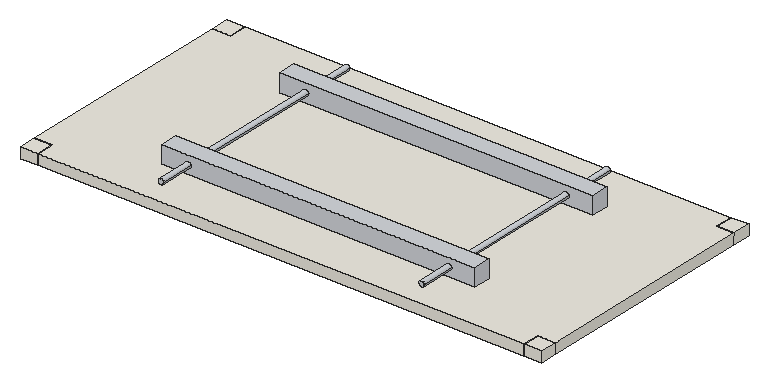
Revit family "LED-PL-CSVT", category Осветительные приборы, Revit 2019 (continued)
Types (9, lengths in mm): name | built-in parameter 1150134 | Файл фотометрической сетки | built-in parameter 1150105 | Lumens | built-in parameter 1150106 | built-in parameter 1150142 | Wattage | built-in parameter 1150107 | Emit from Rectangle Width | Emit from Rectangle Length | Длина | Ширина | L1 | L | ADSK_Ток | ADSK_Полная мощность | ADSK_Обозначение | ADSK_Номинальная мощность | ADSK_Наименование | ADSK_Масса | ADSK_Код изделия
  LED PL-CSVT-36 595x595х10 (KROKUS) (IP54/IP20, 4000K, белый) | 12 | "Светильник LED-PL-CSVT-36-(595х595).IES" | 286.48 (stored number, unit not read) | 3600 lm | 2.8648 (stored number, unit not read) | "IESNA:LM-63-95\r\n[TEST] Протокол № 50-12 \r\n[DATA] 20.06.2016\r\n[MORE] \r\n[MANUFAC] ЗАО \"Центрстройсвет\"\r\n[LUMCAT]  Светильник ALUMOGIPS-38/OPAL-SAND-(610x610)\r\n[LUMINAIRE]\r\n[LAMPCAT] Светодиоды\r\n[LAMP] Поток источника света (светодиодов) не известен\r\n[MORE] КСС приведена в абсолютных величинах кд\r\n[MORE] Вместо потока лампы, указан поток светильника.\r\nTILT=NONE\r\n1    3750 1.0 37 73 1 2 0.61 0.61 0.04\r\n1.0 1.0 38.7\r\n0.0 5.0 10.0 15.0 20.0 25.0 30.0 35.0 40.0 45.0 50.0 55.0 60.0 65.0 70.0 75.0 80.0 85.0 90.0 95.0 100.0 105.0 110.0 115.0 120.0 125.0 130.0 135.0 140.0 145.0 150.0 155.0 160.0 165.0 170.0 175.0 180.0\r\n0.0 5.0 10.0 15.0 20.0 25.0 30.0 35.0 40.0 45.0 50.0 55.0 60.0 65.0 70.0 75.0 80.0 85.0 90.0 95.0 100.0 105.0 110.0 115.0 120.0 125.0 130.0 135.0 140.0 145.0 150.0 155.0 160.0 165.0 170.0 175.0 180.0 185.0 190.0 195.0 200.0 205.0 210.0 215.0 220.0 225.0 230.0 235.0 240.0 245.0 250.0 255.0 260.0 265.0 270.0 275.0 280.0 285.0 290.0 295.0 300.0 305.0 310.0 315.0 320.0 325.0 330.0 335.0 340.0 345.0 350.0 355.0 360.0\r\n1391.4 1390.6 1365.7 1330.6 1277.5 1214.9 1147.5 1059.6 967.6 873.2 772.4 664.9 556.3 449.1 342.7 240.6 147.1 64.2 4.7 0.0 0.0 0.0 0.0 0.0 0.0 0.0 0.0 0.0 0.0 0.0 0.0 0.0 0.0 0.0 0.0 0.0 0.0\r\n1391.4 1390.5 1367.8 1332.7 1284.3 1221.3 1147.0 1062.1 969.2 872.4 773.2 666.3 557.1 450.1 343.8 241.9 146.9 64.7 5.2 0.0 0.0 0.0 0.0 0.0 0.0 0.0 0.0 0.0 0.0 0.0 0.0 0.0 0.0 0.0 0.0 0.0 0.0\r\n1391.4 1390.2 1372.0 1333.3 1277.3 1216.8 1144.5 1057.4 969.6 875.1 773.8 669.5 560.0 454.6 345.8 242.4 148.5 65.8 5.4 0.0 0.0 0.0 0.0 0.0 0.0 0.0 0.0 0.0 0.0 0.0 0.0 0.0 0.0 0.0 0.0 0.0 0.0\r\n1391.4 1389.8 1371.2 1330.7 1279.5 1220.5 1148.3 1059.9 967.7 873.2 767.5 666.8 561.4 453.0 347.1 243.7 149.9 65.6 5.8 0.0 0.0 0.0 0.0 0.0 0.0 0.0 0.0 0.0 0.0 0.0 0.0 0.0 0.0 0.0 0.0 0.0 0.0\r\n1391.4 1389.8 1368.3 1329.3 1285.0 1214.6 1141.1 1058.7 971.8 871.3 775.2 666.9 559.4 452.6 345.8 242.5 150.0 65.8 6.1 0.0 0.0 0.0 0.0 0.0 0.0 0.0 0.0 0.0 0.0 0.0 0.0 0.0 0.0 0.0 0.0 0.0 0.0\r\n1391.4 1390.5 1367.3 1332.3 1281.7 1219.0 1142.8 1064.6 970.5 874.4 772.1 667.5 560.2 453.0 346.2 241.8 149.4 65.7 5.6 0.0 0.0 0.0 0.0 0.0 0.0 0.0 0.0 0.0 0.0 0.0 0.0 0.0 0.0 0.0 0.0 0.0 0.0\r\n1391.4 1391.4 1368.1 1333.5 1277.3 1215.7 1139.0 1059.6 968.1 872.4 771.6 667.4 558.8 453.3 344.3 243.9 148.4 65.7 5.4 0.0 0.0 0.0 0.0 0.0 0.0 0.0 0.0 0.0 0.0 0.0 0.0 0.0 0.0 0.0 0.0 0.0 0.0\r\n1391.4 1391.7 1368.1 1330.4 1278.2 1213.9 1142.4 1061.6 967.4 875.1 772.0 669.3 561.1 452.5 345.2 242.1 148.3 65.4 5.5 0.0 0.0 0.0 0.0 0.0 0.0 0.0 0.0 0.0 0.0 0.0 0.0 0.0 0.0 0.0 0.0 0.0 0.0\r\n1391.4 1391.5 1371.0 1328.4 1278.5 1216.7 1142.1 1061.2 971.8 874.7 772.1 668.9 560.8 452.9 345.4 243.3 147.7 66.0 5.4 0.0 0.0 0.0 0.0 0.0 0.0 0.0 0.0 0.0 0.0 0.0 0.0 0.0 0.0 0.0 0.0 0.0 0.0\r\n1391.4 1391.5 1373.2 1330.5 1277.3 1215.5 1143.2 1063.6 967.0 872.7 772.2 669.4 558.9 453.2 346.6 241.9 148.1 65.2 5.5 0.0 0.0 0.0 0.0 0.0 0.0 0.0 0.0 0.0 0.0 0.0 0.0 0.0 0.0 0.0 0.0 0.0 0.0\r\n1391.4 1391.4 1369.7 1328.3 1281.3 1216.0 1139.8 1057.9 968.7 875.3 773.9 667.6 561.8 454.0 344.0 243.1 147.2 65.6 5.5 0.0 0.0 0.0 0.0 0.0 0.0 0.0 0.0 0.0 0.0 0.0 0.0 0.0 0.0 0.0 0.0 0.0 0.0\r\n1391.4 1390.5 1367.9 1330.1 1278.1 1218.1 1138.9 1061.0 970.0 871.8 770.4 669.3 560.2 453.4 346.9 242.1 148.3 65.2 5.2 0.0 0.0 0.0 0.0 0.0 0.0 0.0 0.0 0.0 0.0 0.0 0.0 0.0 0.0 0.0 0.0 0.0 0.0\r\n1391.4 1389.3 1368.2 1329.1 1280.8 1214.4 1142.5 1059.2 967.2 874.3 772.4 668.0 563.1 452.3 345.7 242.8 146.8 64.9 5.1 0.0 0.0 0.0 0.0 0.0 0.0 0.0 0.0 0.0 0.0 0.0 0.0 0.0 0.0 0.0 0.0 0.0 0.0\r\n1391.4 1388.6 1367.4 1327.8 1278.0 1215.7 1141.0 1061.0 971.5 877.3 771.2 667.3 561.5 453.0 346.4 242.4 146.3 64.8 5.2 0.0 0.0 0.0 0.0 0.0 0.0 0.0 0.0 0.0 0.0 0.0 0.0 0.0 0.0 0.0 0.0 0.0 0.0\r\n1391.4 1388.0 1367.6 1326.7 1278.3 1218.0 1140.9 1061.5 968.4 873.4 770.1 666.6 562.1 454.6 344.8 241.8 146.4 64.0 5.5 0.0 0.0 0.0 0.0 0.0 0.0 0.0 0.0 0.0 0.0 0.0 0.0 0.0 0.0 0.0 0.0 0.0 0.0\r\n1391.4 1387.2 1366.1 1331.0 1281.4 1216.3 1142.7 1059.1 969.4 871.5 772.2 667.3 560.5 453.0 344.4 242.2 146.4 63.8 5.6 0.0 0.0 0.0 0.0 0.0 0.0 0.0 0.0 0.0 0.0 0.0 0.0 0.0 0.0 0.0 0.0 0.0 0.0\r\n1391.4 1387.1 1366.3 1328.7 1276.9 1214.5 1141.2 1059.3 968.4 874.3 775.5 668.3 562.5 454.9 346.4 241.3 146.2 63.5 5.7 0.0 0.0 0.0 0.0 0.0 0.0 0.0 0.0 0.0 0.0 0.0 0.0 0.0 0.0 0.0 0.0 0.0 0.0\r\n1391.4 1388.4 1366.0 1329.7 1279.2 1217.9 1140.0 1060.5 969.0 873.9 772.0 671.3 560.4 453.2 343.7 241.7 145.8 63.7 5.4 0.0 0.0 0.0 0.0 0.0 0.0 0.0 0.0 0.0 0.0 0.0 0.0 0.0 0.0 0.0 0.0 0.0 0.0\r\n1391.4 1389.6 1367.7 1329.3 1277.2 1211.1 1140.1 1061.0 971.0 871.2 769.2 669.1 561.5 453.1 343.3 241.9 145.8 63.4 5.2 0.0 0.0 0.0 0.0 0.0 0.0 0.0 0.0 0.0 0.0 0.0 0.0 0.0 0.0 0.0 0.0 0.0 0.0\r\n1391.4 1388.8 1366.9 1327.1 1279.4 1214.2 1142.5 1056.4 970.7 870.3 771.0 665.1 560.4 453.3 343.8 241.1 145.7 63.4 5.2 0.0 0.0 0.0 0.0 0.0 0.0 0.0 0.0 0.0 0.0 0.0 0.0 0.0 0.0 0.0 0.0 0.0 0.0\r\n1391.4 1387.2 1365.8 1328.9 1276.6 1210.2 1141.4 1059.3 966.6 871.4 770.5 667.4 559.2 451.4 344.2 241.0 145.6 63.2 5.1 0.0 0.0 0.0 0.0 0.0 0.0 0.0 0.0 0.0 0.0 0.0 0.0 0.0 0.0 0.0 0.0 0.0 0.0\r\n1391.4 1386.8 1364.4 1329.8 1279.4 1213.7 1144.0 1059.0 965.3 873.7 768.8 668.9 559.4 449.5 342.6 241.5 144.6 63.4 5.0 0.0 0.0 0.0 0.0 0.0 0.0 0.0 0.0 0.0 0.0 0.0 0.0 0.0 0.0 0.0 0.0 0.0 0.0\r\n1391.4 1388.1 1365.8 1328.1 1273.8 1213.4 1137.9 1059.2 967.3 869.2 769.3 667.7 558.4 451.4 344.0 240.6 145.7 63.4 4.9 0.0 0.0 0.0 0.0 0.0 0.0 0.0 0.0 0.0 0.0 0.0 0.0 0.0 0.0 0.0 0.0 0.0 0.0\r\n1391.4 1389.2 1364.4 1323.2 1276.3 1213.8 1137.6 1055.3 963.1 871.0 767.7 664.1 559.7 447.1 342.4 240.1 145.2 63.9 5.1 0.0 0.0 0.0 0.0 0.0 0.0 0.0 0.0 0.0 0.0 0.0 0.0 0.0 0.0 0.0 0.0 0.0 0.0\r\n1391.4 1388.4 1362.3 1326.8 1274.4 1212.2 1137.9 1054.7 966.7 867.9 768.7 663.4 557.3 449.2 343.3 240.0 145.7 63.6 5.0 0.0 0.0 0.0 0.0 0.0 0.0 0.0 0.0 0.0 0.0 0.0 0.0 0.0 0.0 0.0 0.0 0.0 0.0\r\n1391.4 1386.2 1361.8 1326.5 1273.3 1211.2 1134.5 1048.6 964.3 866.3 767.8 662.9 556.7 449.5 341.9 239.8 145.7 63.7 5.0 0.0 0.0 0.0 0.0 0.0 0.0 0.0 0.0 0.0 0.0 0.0 0.0 0.0 0.0 0.0 0.0 0.0 0.0\r\n1391.4 1384.4 1363.5 1324.4 1272.0 1209.5 1137.2 1053.0 960.2 867.5 767.9 662.7 556.7 449.2 342.5 239.1 146.2 63.8 4.8 0.0 0.0 0.0 0.0 0.0 0.0 0.0 0.0 0.0 0.0 0.0 0.0 0.0 0.0 0.0 0.0 0.0 0.0\r\n1391.4 1383.7 1362.4 1324.4 1274.0 1209.5 1134.4 1050.1 965.4 864.9 764.6 662.3 556.6 447.9 340.5 240.3 145.5 64.6 4.6 0.0 0.0 0.0 0.0 0.0 0.0 0.0 0.0 0.0 0.0 0.0 0.0 0.0 0.0 0.0 0.0 0.0 0.0\r\n1391.4 1384.4 1361.9 1326.9 1270.2 1207.3 1132.7 1050.1 959.7 867.7 763.1 662.2 555.0 447.3 343.0 238.3 145.8 63.9 4.7 0.0 0.0 0.0 0.0 0.0 0.0 0.0 0.0 0.0 0.0 0.0 0.0 0.0 0.0 0.0 0.0 0.0 0.0\r\n1391.4 1385.1 1363.0 1320.0 1270.4 1207.9 1134.4 1055.0 963.5 867.3 766.7 660.7 555.9 450.1 342.6 240.2 145.9 64.3 4.9 0.0 0.0 0.0 0.0 0.0 0.0 0.0 0.0 0.0 0.0 0.0 0.0 0.0 0.0 0.0 0.0 0.0 0.0\r\n1391.4 1384.9 1362.3 1321.4 1273.1 1208.0 1135.4 1052.3 961.9 865.0 764.0 660.8 553.5 447.6 341.2 240.3 146.1 63.8 4.8 0.0 0.0 0.0 0.0 0.0 0.0 0.0 0.0 0.0 0.0 0.0 0.0 0.0 0.0 0.0 0.0 0.0 0.0\r\n1391.4 1383.8 1361.2 1322.1 1265.1 1211.5 1132.8 1049.3 961.3 863.4 764.0 661.0 550.7 447.9 341.0 240.1 146.2 63.8 4.6 0.0 0.0 0.0 0.0 0.0 0.0 0.0 0.0 0.0 0.0 0.0 0.0 0.0 0.0 0.0 0.0 0.0 0.0\r\n1391.4 1382.8 1359.3 1321.5 1269.3 1206.8 1132.8 1051.1 958.3 863.2 763.1 662.7 553.4 448.0 340.4 240.0 145.8 63.8 4.0 0.0 0.0 0.0 0.0 0.0 0.0 0.0 0.0 0.0 0.0 0.0 0.0 0.0 0.0 0.0 0.0 0.0 0.0\r\n1391.4 1382.6 1359.0 1319.6 1268.1 1204.3 1129.8 1049.0 957.7 861.8 761.7 658.4 554.2 446.1 340.4 239.0 145.6 63.8 3.8 0.0 0.0 0.0 0.0 0.0 0.0 0.0 0.0 0.0 0.0 0.0 0.0 0.0 0.0 0.0 0.0 0.0 0.0\r\n1391.4 1382.8 1358.5 1315.8 1266.5 1202.1 1128.5 1049.2 957.6 860.0 762.1 658.2 549.9 443.8 339.6 238.4 145.7 63.6 3.7 0.0 0.0 0.0 0.0 0.0 0.0 0.0 0.0 0.0 0.0 0.0 0.0 0.0 0.0 0.0 0.0 0.0 0.0\r\n1391.4 1382.2 1360.5 1319.2 1265.9 1204.5 1129.9 1046.9 955.0 862.9 758.9 657.9 552.5 444.9 338.9 238.8 145.3 63.6 3.3 0.0 0.0 0.0 0.0 0.0 0.0 0.0 0.0 0.0 0.0 0.0 0.0 0.0 0.0 0.0 0.0 0.0 0.0\r\n1391.4 1381.1 1361.2 1321.0 1268.1 1203.8 1128.8 1047.4 955.6 863.7 761.1 656.4 551.5 445.2 339.2 238.5 144.7 62.5 3.5 0.0 0.0 0.0 0.0 0.0 0.0 0.0 0.0 0.0 0.0 0.0 0.0 0.0 0.0 0.0 0.0 0.0 0.0\r\n1391.4 1380.6 1359.0 1316.4 1268.5 1204.0 1126.1 1049.5 956.2 859.6 759.7 656.5 549.2 444.3 338.4 236.1 143.8 61.6 3.2 0.0 0.0 0.0 0.0 0.0 0.0 0.0 0.0 0.0 0.0 0.0 0.0 0.0 0.0 0.0 0.0 0.0 0.0\r\n1391.4 1380.7 1356.6 1316.0 1267.0 1205.6 1130.3 1044.8 956.9 856.7 759.3 653.5 548.1 441.9 335.3 235.4 141.4 60.3 2.9 0.0 0.0 0.0 0.0 0.0 0.0 0.0 0.0 0.0 0.0 0.0 0.0 0.0 0.0 0.0 0.0 0.0 0.0\r\n1391.4 1380.4 1354.4 1317.9 1268.8 1199.0 1129.0 1044.0 956.9 860.6 758.3 656.9 549.1 442.0 334.4 236.1 141.7 60.5 2.6 0.0 0.0 0.0 0.0 0.0 0.0 0.0 0.0 0.0 0.0 0.0 0.0 0.0 0.0 0.0 0.0 0.0 0.0\r\n1391.4 1380.1 1356.7 1322.1 1264.6 1201.7 1129.9 1047.4 957.2 859.7 758.2 656.1 549.4 442.8 335.3 235.8 141.3 60.6 2.3 0.0 0.0 0.0 0.0 0.0 0.0 0.0 0.0 0.0 0.0 0.0 0.0 0.0 0.0 0.0 0.0 0.0 0.0\r\n1391.4 1379.9 1357.3 1317.5 1265.9 1207.8 1129.2 1046.5 955.7 860.2 758.6 656.9 550.7 441.9 335.4 233.9 140.6 60.2 2.4 0.0 0.0 0.0 0.0 0.0 0.0 0.0 0.0 0.0 0.0 0.0 0.0 0.0 0.0 0.0 0.0 0.0 0.0\r\n1391.4 1379.2 1355.5 1314.6 1269.3 1203.7 1133.5 1044.8 957.2 857.9 762.0 656.6 548.7 440.4 335.9 234.5 140.4 59.8 2.8 0.0 0.0 0.0 0.0 0.0 0.0 0.0 0.0 0.0 0.0 0.0 0.0 0.0 0.0 0.0 0.0 0.0 0.0\r\n1391.4 1377.9 1357.1 1319.2 1271.9 1204.4 1128.6 1050.2 953.1 856.9 757.6 653.7 548.9 439.9 335.4 232.4 140.5 59.2 3.0 0.0 0.0 0.0 0.0 0.0 0.0 0.0 0.0 0.0 0.0 0.0 0.0 0.0 0.0 0.0 0.0 0.0 0.0\r\n1391.4 1377.2 1356.3 1322.9 1266.0 1204.8 1132.2 1049.0 958.1 859.3 759.0 654.6 547.0 441.6 334.9 232.1 139.3 58.8 2.9 0.0 0.0 0.0 0.0 0.0 0.0 0.0 0.0 0.0 0.0 0.0 0.0 0.0 0.0 0.0 0.0 0.0 0.0\r\n1391.4 1377.8 1353.8 1319.7 1269.6 1207.9 1135.8 1049.5 955.8 858.0 762.4 655.9 548.2 441.6 335.6 231.7 139.4 58.8 2.8 0.0 0.0 0.0 0.0 0.0 0.0 0.0 0.0 0.0 0.0 0.0 0.0 0.0 0.0 0.0 0.0 0.0 0.0\r\n1391.4 1378.5 1355.2 1319.8 1267.3 1206.5 1131.2 1046.1 954.6 861.2 756.6 653.8 548.1 440.3 335.0 232.6 138.6 59.0 2.9 0.0 0.0 0.0 0.0 0.0 0.0 0.0 0.0 0.0 0.0 0.0 0.0 0.0 0.0 0.0 0.0 0.0 0.0\r\n1391.4 1378.6 1355.1 1318.3 1269.7 1200.8 1133.1 1049.0 957.6 862.5 762.4 656.9 549.3 443.5 334.7 231.2 138.8 58.1 3.0 0.0 0.0 0.0 0.0 0.0 0.0 0.0 0.0 0.0 0.0 0.0 0.0 0.0 0.0 0.0 0.0 0.0 0.0\r\n1391.4 1378.8 1355.8 1321.7 1268.8 1210.0 1129.0 1048.5 958.8 862.4 762.2 656.4 549.0 441.1 335.4 231.5 138.5 58.1 3.0 0.0 0.0 0.0 0.0 0.0 0.0 0.0 0.0 0.0 0.0 0.0 0.0 0.0 0.0 0.0 0.0 0.0 0.0\r\n1391.4 1379.6 1357.6 1321.7 1269.0 1207.1 1133.9 1047.0 964.1 863.3 761.9 656.4 551.5 440.7 334.9 232.2 137.6 58.1 2.8 0.0 0.0 0.0 0.0 0.0 0.0 0.0 0.0 0.0 0.0 0.0 0.0 0.0 0.0 0.0 0.0 0.0 0.0\r\n1391.4 1380.6 1357.7 1319.2 1272.0 1207.5 1131.3 1054.6 959.0 863.3 764.8 655.9 549.1 443.0 335.1 231.3 138.0 58.1 2.7 0.0 0.0 0.0 0.0 0.0 0.0 0.0 0.0 0.0 0.0 0.0 0.0 0.0 0.0 0.0 0.0 0.0 0.0\r\n1391.4 1381.5 1358.5 1321.9 1271.0 1204.1 1135.9 1055.8 962.5 865.5 761.1 656.9 550.6 442.0 335.3 231.9 137.4 57.9 2.6 0.0 0.0 0.0 0.0 0.0 0.0 0.0 0.0 0.0 0.0 0.0 0.0 0.0 0.0 0.0 0.0 0.0 0.0\r\n1391.4 1381.3 1358.5 1322.3 1270.8 1207.2 1133.7 1051.9 958.0 867.3 767.5 657.0 552.1 442.3 333.6 231.2 137.9 57.8 2.6 0.0 0.0 0.0 0.0 0.0 0.0 0.0 0.0 0.0 0.0 0.0 0.0 0.0 0.0 0.0 0.0 0.0 0.0\r\n1391.4 1380.6 1359.4 1319.7 1270.6 1209.0 1133.0 1052.1 963.9 867.5 764.1 660.0 554.0 443.3 334.8 231.7 137.6 57.8 2.7 0.0 0.0 0.0 0.0 0.0 0.0 0.0 0.0 0.0 0.0 0.0 0.0 0.0 0.0 0.0 0.0 0.0 0.0\r\n1391.4 1381.3 1359.9 1321.3 1270.6 1204.8 1135.0 1051.3 962.1 865.5 761.7 660.3 553.1 443.5 334.1 231.9 137.9 57.8 2.8 0.0 0.0 0.0 0.0 0.0 0.0 0.0 0.0 0.0 0.0 0.0 0.0 0.0 0.0 0.0 0.0 0.0 0.0\r\n1391.4 1383.1 1362.1 1324.8 1273.8 1208.7 1134.8 1055.9 961.8 866.4 762.3 659.7 552.4 443.7 334.4 232.8 138.0 58.0 2.8 0.0 0.0 0.0 0.0 0.0 0.0 0.0 0.0 0.0 0.0 0.0 0.0 0.0 0.0 0.0 0.0 0.0 0.0\r\n1391.4 1384.6 1360.4 1321.7 1272.0 1210.6 1130.9 1052.5 963.1 866.7 767.4 659.3 553.7 444.6 335.4 233.1 138.3 58.0 2.8 0.0 0.0 0.0 0.0 0.0 0.0 0.0 0.0 0.0 0.0 0.0 0.0 0.0 0.0 0.0 0.0 0.0 0.0\r\n1391.4 1385.6 1357.5 1324.7 1273.9 1211.6 1134.3 1052.7 963.6 865.4 763.1 658.7 552.2 444.9 336.9 232.8 138.8 58.6 2.9 0.0 0.0 0.0 0.0 0.0 0.0 0.0 0.0 0.0 0.0 0.0 0.0 0.0 0.0 0.0 0.0 0.0 0.0\r\n1391.4 1386.4 1357.8 1323.4 1273.2 1212.2 1136.3 1054.7 967.5 867.5 764.0 659.4 553.3 443.7 336.8 233.2 138.9 58.5 3.1 0.0 0.0 0.0 0.0 0.0 0.0 0.0 0.0 0.0 0.0 0.0 0.0 0.0 0.0 0.0 0.0 0.0 0.0\r\n1391.4 1386.6 1362.0 1324.9 1273.2 1211.3 1139.0 1049.9 960.3 866.4 768.0 661.3 552.2 443.4 336.3 233.4 139.8 58.9 3.1 0.0 0.0 0.0 0.0 0.0 0.0 0.0 0.0 0.0 0.0 0.0 0.0 0.0 0.0 0.0 0.0 0.0 0.0\r\n1391.4 1386.0 1360.5 1326.0 1271.8 1212.0 1137.2 1059.3 963.5 867.6 766.9 661.2 552.3 445.8 337.8 233.6 141.0 59.2 3.3 0.0 0.0 0.0 0.0 0.0 0.0 0.0 0.0 0.0 0.0 0.0 0.0 0.0 0.0 0.0 0.0 0.0 0.0\r\n1391.4 1385.0 1362.3 1325.1 1272.0 1207.1 1138.5 1053.6 964.5 865.8 766.5 661.6 554.3 445.9 337.0 234.5 140.4 60.2 3.5 0.0 0.0 0.0 0.0 0.0 0.0 0.0 0.0 0.0 0.0 0.0 0.0 0.0 0.0 0.0 0.0 0.0 0.0\r\n1391.4 1384.4 1361.8 1323.6 1274.0 1214.8 1138.9 1053.9 968.0 867.9 769.0 663.8 555.6 446.7 339.6 235.0 141.3 60.4 3.4 0.0 0.0 0.0 0.0 0.0 0.0 0.0 0.0 0.0 0.0 0.0 0.0 0.0 0.0 0.0 0.0 0.0 0.0\r\n1391.4 1385.0 1360.9 1322.2 1272.4 1209.8 1137.2 1055.7 962.7 869.7 769.6 658.2 556.6 447.4 338.5 236.2 142.5 60.7 3.4 0.0 0.0 0.0 0.0 0.0 0.0 0.0 0.0 0.0 0.0 0.0 0.0 0.0 0.0 0.0 0.0 0.0 0.0\r\n1391.4 1386.6 1363.1 1323.6 1272.5 1211.5 1139.2 1058.4 969.9 868.0 768.8 664.6 556.3 445.8 342.1 236.1 142.3 61.2 3.5 0.0 0.0 0.0 0.0 0.0 0.0 0.0 0.0 0.0 0.0 0.0 0.0 0.0 0.0 0.0 0.0 0.0 0.0\r\n1391.4 1388.6 1360.9 1330.2 1273.7 1213.2 1138.7 1058.3 966.2 867.0 766.8 663.4 553.3 447.1 339.2 238.7 143.0 61.4 3.8 0.0 0.0 0.0 0.0 0.0 0.0 0.0 0.0 0.0 0.0 0.0 0.0 0.0 0.0 0.0 0.0 0.0 0.0\r\n1391.4 1389.8 1360.8 1328.4 1276.8 1216.0 1140.1 1055.8 963.1 870.3 768.4 663.1 554.0 449.1 340.1 237.3 144.8 61.7 3.8 0.0 0.0 0.0 0.0 0.0 0.0 0.0 0.0 0.0 0.0 0.0 0.0 0.0 0.0 0.0 0.0 0.0 0.0\r\n1391.4 1389.3 1362.5 1325.9 1278.0 1210.4 1138.2 1054.7 967.8 872.7 770.2 661.9 556.5 446.9 341.3 237.7 144.4 62.5 3.9 0.0 0.0 0.0 0.0 0.0 0.0 0.0 0.0 0.0 0.0 0.0 0.0 0.0 0.0 0.0 0.0 0.0 0.0\r\n1391.4 1387.8 1365.8 1326.6 1274.3 1213.2 1141.4 1053.1 966.2 871.2 768.4 663.7 555.0 447.1 341.3 238.2 144.3 62.7 4.1 0.0 0.0 0.0 0.0 0.0 0.0 0.0 0.0 0.0 0.0 0.0 0.0 0.0 0.0 0.0 0.0 0.0 0.0\r\n1391.4 1387.2 1364.2 1328.3 1274.8 1209.4 1145.0 1060.0 963.9 867.5 766.5 663.4 556.7 448.2 340.9 240.3 144.7 63.3 4.0 0.0 0.0 0.0 0.0 0.0 0.0 0.0 0.0 0.0 0.0 0.0 0.0 0.0 0.0 0.0 0.0 0.0 0.0\r\n1391.4 1388.4 1364.9 1332.6 1279.0 1215.6 1140.9 1056.3 969.3 867.1 770.0 663.8 559.0 449.0 342.4 240.3 145.7 63.3 4.7 0.0 0.0 0.0 0.0 0.0 0.0 0.0 0.0 0.0 0.0 0.0 0.0 0.0 0.0 0.0 0.0 0.0 0.0\r\n1391.4 1390.0 1364.5 1329.3 1281.4 1217.7 1141.3 1063.3 970.3 871.1 768.8 663.5 555.2 449.3 342.4 239.8 146.6 63.3 4.9 0.0 0.0 0.0 0.0 0.0 0.0 0.0 0.0 0.0 0.0 0.0 0.0 0.0 0.0 0.0 0.0 0.0 0.0\r\n1391.4 1390.6 1365.7 1330.6 1277.5 1214.9 1147.5 1059.6 967.6 873.2 772.4 664.9 556.3 449.1 342.7 240.6 147.1 64.2 4.7 0.0 0.0 0.0 0.0 0.0 0.0 0.0 0.0 0.0 0.0 0.0 0.0 0.0 0.0 0.0 0.0 0.0 0.0\r\n" | 24.2356 W | 4000 (stored number, unit not read) | 555 | 555 | 595 | 595 | 297.5 | 297.5 | 0.170132 A | 39.1304 VA | "LED PL-CSVT-36 595x595х10 (KROKUS) (IP54/IP20, 4000K, белый)" | 36 W | "Ультратонкая светодиодная панель LED PL-CSVT-36 595x595х10 (KROKUS) (IP54/IP2
    0, 4000K, белый)" | 3.2 | "ЦБ000007456"
